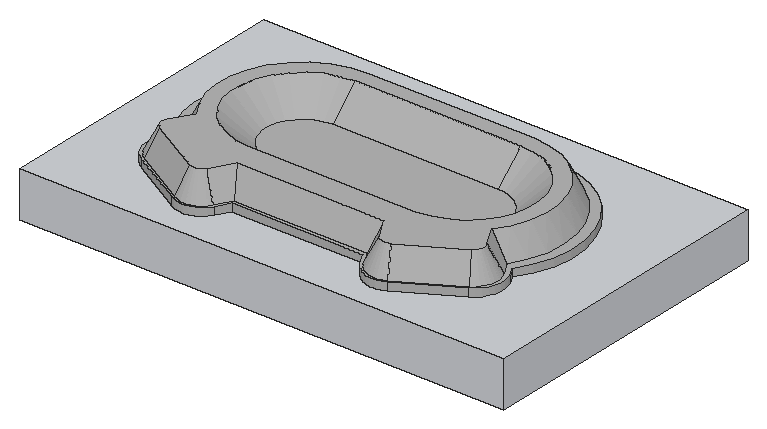
Revit family
Parameters (values of type "as Specified")
  Warranty Duration (Years) = 0
  Unit Width = 3' - 0 1/2"
  Unit Height = 1' - 10 5/8"
  Unit Depth = 0' - 3 1/4"
  URL = "http://www.bobrick.com/Pages/default.aspx"
  Test Data = ""
  Standards Conformance = "ADA with proper installation  ;  Made in U.S.A."
  Specification = ""
  SpecWizard = ""
  Send Message = "http://www.arcat.com/users.pl?action=UserEmail&company=Bobrick+Washroom+Equipment,+Inc.&coid=30988&rep=156&fax=818-503-1930&mf="
  Sales Information = "http://www.bobrick.com/Pages/ContactUs.aspx"
  Revision = "R1_10_2012"
  Region Restriction = "None"
  Recycled Content = "as Specified"
  Product Properties = ""
  Product Data = "http://arcat.com/arcatcos/cos30/arc30988.html?isac=1&r=1"
  Model = "KB112-01SM"
  Manufacturer Website = "http://www.bobrick.com/Pages/default.aspx"
  Manufacturer Phone - Toll Free = ""
  Manufacturer Phone = "818-764-1000"
  Manufacturer Fax = "818-503-1930"
  Manufacturer Address = "11611 Hart St. North Hollywood, CA 91605-5882"
  Manufacturer = "Bobrick Washroom Equipment, Inc."
  Maintenance Schedule (Months) = 0
  Keynote = "102813"
  Installation-Fabrication = "http://www.bobrick.com/washroomaccessories/Pages/WashroomAccessories.aspx"
  Installation Phase = ""
  Green Building-LEED = ""
  Fixture Material = Plastic - Bobrick - Grey Granite
  Expected Lifespan (Years) = 0
  Drawn By = "Sumex Design, Inc. / Robert S. Weygant, CSI, CDT, SCIP"
  Description = "Bobrick Countertop Mounted Baby Changing Station - Koala Kare KB112-01SM"
  Default Elevation = 0' - 0"
  Copyright = "©Arcat Inc."
  Construction Details = ""
  Capacity = "50 lbs"
  Building Codes = ""
  Assembly Code = "E1090900"
Reference planes (in)
  plane 1 "x": y = -5.78043
  plane 2: z = 0
  plane 3 "Center (Left/Right)": x = 0
  plane 4: y = 5.53207
  plane 5: y = -17.09293
  plane 6: x = -18.25
  plane 7: x = 18.25
Forms (in)
  Extrusion 1, solid
    sketch origin (0, 0, 0) x (1, 0, 0) y (0, 1, 0)
      loop
        line (-23, 10.03207) -> (-23, -19.501) -> (23.9838, -19.501) -> (23.9838, 10.03207) -> (-23, 10.03207)
    from 0 to -4.39767
  Blend 2, void
    base sketch origin (0, 0, 3.25) x (1, 0, 0) y (0, 1, 0)
      loop
        line (-8, -10.46793) -> (8, -10.46793)
        arc (8, -10.46793) -> (14.5, -3.96793) -> (8, 2.53207) r 6.5
        line (8, 2.53207) -> (-8, 2.53207)
        arc (-8, 2.53207) -> (-14.5, -3.96793) -> (-8, -10.46793) r 6.5
    top sketch origin (0, 0, 3.25) x (1, 0, 0) y (0, 1, 0)
      loop
        arc (-8, -0.46793) -> (-11.5, -3.96793) -> (-8, -7.46793) r 3.5
        line (-8, -7.46793) -> (8, -7.46793)
        arc (8, -7.46793) -> (11.5, -3.96793) -> (8, -0.46793) r 3.5
        line (8, -0.46793) -> (-8, -0.46793)
    from 0 to -2.62557
  Blend 3, solid, material "Plastic - Bobrick - Grey Granite" <- "Fixture Material"
    base sketch origin (0, 0, 0) x (1, 0, 0) y (0, 1, 0)
      loop
        arc (-8, 4.03207) -> (-15.19075, -0.46177) -> (-14.30298, -8.89463) r 8
        line (-14.30298, -8.89463) -> (-15.5, -10.96793)
        arc (-15.5, -10.96793) -> (-15.5999, -11.72675) -> (-15.13397, -12.33396) r 1
        line (-15.13397, -12.33396) -> (-9.72132, -15.45896)
        arc (-9.72132, -15.45896) -> (-8.9625, -15.55886) -> (-8.35529, -15.09293) r 1
        line (-8.35529, -15.09293) -> (-7.14397, -12.99485) -> (7.14397, -12.99485) -> (8.35529, -15.09293)
        arc (8.35529, -15.09293) -> (8.9625, -15.55886) -> (9.72132, -15.45896) r 1
        line (9.72132, -15.45896) -> (15.13397, -12.33396)
        arc (15.13397, -12.33396) -> (15.5999, -11.72675) -> (15.5, -10.96793) r 1
        line (15.5, -10.96793) -> (14.30298, -8.89463)
        arc (14.30298, -8.89463) -> (15.19075, -0.46177) -> (8, 4.03207) r 8
        line (8, 4.03207) -> (-8, 4.03207)
    top sketch origin (0, 0, 0) x (1, 0, 0) y (0, 1, 0)
      loop
        arc (-8, 5.28207) -> (-16.11675, 0.46838) -> (-15.78561, -8.96261) r 9.25
        line (-15.78561, -8.96261) -> (-16.58253, -10.34293)
        arc (-16.58253, -10.34293) -> (-16.80731, -12.05027) -> (-15.75897, -13.41649) r 2.25
        line (-15.75897, -13.41649) -> (-10.34632, -16.54149)
        arc (-10.34632, -16.54149) -> (-8.63897, -16.76626) -> (-7.27276, -15.71793) r 2.25
        line (-7.27276, -15.71793) -> (-6.42228, -14.24485) -> (6.42228, -14.24485) -> (7.27276, -15.71793)
        arc (7.27276, -15.71793) -> (8.63897, -16.76626) -> (10.34632, -16.54149) r 2.25
        line (10.34632, -16.54149) -> (15.75897, -13.41649)
        arc (15.75897, -13.41649) -> (16.80731, -12.05027) -> (16.58253, -10.34293) r 2.25
        line (16.58253, -10.34293) -> (15.78561, -8.96261)
        arc (15.78561, -8.96261) -> (16.11675, 0.46838) -> (8, 5.28207) r 9.25
        line (8, 5.28207) -> (-8, 5.28207)
    from 3.25 to 0.75
  Extrusion 4, solid, material "Plastic - Bobrick - Grey Granite" <- "Fixture Material"
    sketch origin (0, 0, 0) x (1, 0, 0) y (0, 1, 0)
      loop
        line (9.5, 5.53207) -> (-9.5, 5.53207)
        arc (-9.5, 5.53207) -> (-17.35969, 0.22123) -> (-16.51554, -9.22691) r 9.3368
        line (-16.51554, -9.22691) -> (-16.89054, -9.87642)
        arc (-16.89054, -9.87642) -> (-17.16527, -11.96318) -> (-15.88397, -13.63299) r 2.75
        line (-15.88397, -13.63299) -> (-10.47132, -16.75799)
        arc (-10.47132, -16.75799) -> (-8.57427, -17.00775) -> (-7.05625, -15.84293) r 2.5
        line (-7.05625, -15.84293) -> (-6.35011, -14.61985) -> (6.35011, -14.61985) -> (7.05625, -15.84293)
        arc (7.05625, -15.84293) -> (8.57427, -17.00775) -> (10.47132, -16.75799) r 2.5
        line (10.47132, -16.75799) -> (15.88397, -13.63299)
        arc (15.88397, -13.63299) -> (17.16527, -11.96318) -> (16.89054, -9.87642) r 2.75
        line (16.89054, -9.87642) -> (16.51554, -9.22691)
        arc (16.51554, -9.22691) -> (17.35969, 0.22123) -> (9.5, 5.53207) r 9.3368
    from 0 to 0.75
Cuts and joins
  Blend 2 cuts Blend 3
Dimensions and locks (in)
  equal spacing: plane 4, plane 1 "x", plane 5
  "Unit Height": plane 4 to plane 5
  equal spacing: plane 6, plane 3 "Center (Left/Right)", plane 7
  "Unit Width": plane 6 to plane 7
  aligned and locked: plane 2 to Extrusion 1
  aligned and locked: level to Extrusion 1
Automatic sketch dimensions
  Extrusion 1 sketch curve to Extrusion 1 sketch curve = 3' - 10.9838"
  Extrusion 1 sketch curve to Extrusion 1 sketch curve = 2' - 5.53307"
  Blend 2 sketch curve to plane 1 "x" = 0' - 1 13/16"  (x2)
  Blend 2 sketch curve to plane 3 "Center (Left/Right)" = 0' - 8"  (x2)
  Blend 2 sketch curve to plane 4 = 0' - 3"
  plane 3 "Center (Left/Right)" to Blend 2 sketch curve = 0' - 8"  (x2)
  plane 1 "x" to Blend 2 sketch curve = 0' - 1 11/16"
  plane 6 to Blend 3 sketch curve = 0' - 2 3/4"
  Blend 3 sketch curve to Blend 3 sketch curve = 0' - 0.36603"  (x2)
  Blend 3 sketch curve to Blend 3 sketch curve = 0' - 0 1/2"  (x4)
  Blend 3 sketch curve to Blend 3 sketch curve = 0' - 1.19702"
  plane 5 to Blend 3 sketch curve = 0' - 1.63397"  (x2)
  Blend 3 sketch curve to Blend 3 sketch curve = 0' - 5.41266"  (x2)
  Blend 3 sketch curve to Blend 3 sketch curve = 0' - 0.86603"  (x5)
  Blend 3 sketch curve to plane 4 = 0' - 1 1/2"
  Blend 3 sketch curve to plane 3 "Center (Left/Right)" = 0' - 8"  (x2)
  Blend 3 sketch curve to Blend 3 sketch curve = 0' - 1.21132"  (x2)
  plane 3 "Center (Left/Right)" to Blend 3 sketch curve = 0' - 7.14397"
  plane 5 to Blend 3 sketch curve = 0' - 2"
  Blend 3 sketch curve to plane 7 = 0' - 3.61603"
  Blend 3 sketch curve to Blend 3 sketch curve = 0' - 0.33099"
  Blend 3 sketch curve to Blend 3 sketch curve = 0' - 2.09808"
  plane 5 to Blend 3 sketch curve = 0' - 4.75897"  (x2)
  Blend 3 sketch curve to Blend 3 sketch curve = 0' - 2.0733"  (x2)
  Blend 3 sketch curve to plane 1 "x" = 0' - 1 13/16"  (x2)
  plane 6 to Blend 3 sketch curve = 0' - 1.66747"
  Blend 3 sketch curve to Blend 3 sketch curve = 0' - 0.79693"
  Blend 3 sketch curve to Blend 3 sketch curve = 0' - 1.94856"  (x5)
  plane 5 to Blend 3 sketch curve = 0' - 0.55144"  (x2)
  Blend 3 sketch curve to Blend 3 sketch curve = 0' - 1 1/8"  (x3)
  Blend 3 sketch curve to plane 4 = 0' - 0 1/4"
  plane 5 to Blend 3 sketch curve = 0' - 1 3/8"  (x2)
  Blend 3 sketch curve to Blend 3 sketch curve = 0' - 0.85048"  (x2)
  plane 5 to Blend 3 sketch curve = 0' - 2.84808"
  Blend 3 sketch curve to plane 7 = 0' - 2.46439"
  Blend 3 sketch curve to plane 7 = 0' - 1.66747"
  Blend 3 sketch curve to plane 7 = 0' - 2.49103"
  plane 5 to Blend 3 sketch curve = 0' - 3.67644"  (x2)
  Blend 3 sketch curve to Blend 3 sketch curve = 0' - 1.38032"  (x2)
  plane 3 "Center (Left/Right)" to Blend 3 sketch curve = 0' - 6.42228"
  plane 6 to Blend 3 sketch curve = 0' - 2.49103"
  Extrusion 4 sketch curve to plane 4 = 0' - 0"
  plane 6 to Extrusion 4 sketch curve = 0' - 8 3/4"
  plane 6 to Extrusion 4 sketch curve = 0' - 1.35946"
  Extrusion 4 sketch curve to Extrusion 4 sketch curve = 0' - 0 3/8"  (x2)
  plane 6 to Extrusion 4 sketch curve = 0' - 2.36603"
  Extrusion 4 sketch curve to Extrusion 4 sketch curve = 0' - 2.38157"  (x3)
  plane 5 to Extrusion 4 sketch curve = 0' - 0.33494"  (x2)
  Extrusion 4 sketch curve to Extrusion 4 sketch curve = 0' - 5.41266"
  Extrusion 4 sketch curve to Extrusion 4 sketch curve = 0' - 1 1/4"  (x2)
  Extrusion 4 sketch curve to plane 1 "x" = 0' - 1.9933"  (x2)
  Extrusion 4 sketch curve to plane 3 "Center (Left/Right)" = 0' - 8.92709"
  plane 5 to Extrusion 4 sketch curve = 0' - 1 1/4"  (x2)
  Extrusion 4 sketch curve to Extrusion 4 sketch curve = 0' - 2.16506"  (x2)
  plane 5 to Extrusion 4 sketch curve = 0' - 2.47308"
  Extrusion 4 sketch curve to Extrusion 4 sketch curve = 0' - 0.70614"  (x2)
  plane 3 "Center (Left/Right)" to Extrusion 4 sketch curve = 0' - 6.35011"
  plane 3 "Center (Left/Right)" to Extrusion 4 sketch curve = 0' - 8.92709"
  Extrusion 4 sketch curve to plane 7 = 0' - 8 3/4"
  Extrusion 4 sketch curve to plane 7 = 0' - 3.74103"
  Extrusion 4 sketch curve to plane 7 = 0' - 2.36603"
  Extrusion 4 sketch curve to plane 7 = 0' - 1.73446"
  plane 5 to Extrusion 4 sketch curve = 0' - 3.45994"  (x2)
